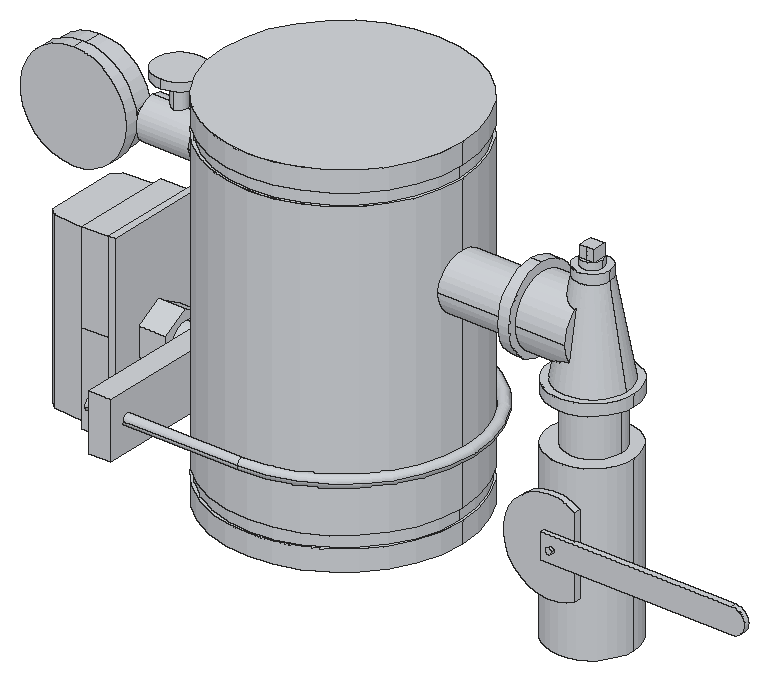
Revit family
Reference planes (in)
  plane 1 "Center (Front/Back)": y = 0
  plane 2: z = 0
  plane 3 "Center (Left/Right)": x = 0
Dimensions and locks (in)
  aligned and locked: plane 2 to level
Nested families (in)
  nested 1: "8FC" at (0, 0, 0), type "RASCO CR COMMERCIAL RISER"
Connectors (in)
  piping at (0, 0, 13)
    settings: on nested 1, index 1, connector radius 4", flow factor 0, pipe flow 0 GPM, pressure drop 0.00 psi, fitting loss kfactor 0, connector angle 0.00°, fixture units 0, flow configuration 0, flow direction 0, fitting loss method 0, system type 7, connector reference index -1, connector utility 0, adjustable connector no, is connector primary yes, fitting loss table "", connector description ""
  piping at (9.00551, -0.0356, -1.25)
    settings: on nested 1, index 2, connector radius 1 1/2", flow factor 0, pipe flow 0 GPM, pressure drop 0.00 psi, fitting loss kfactor 0, connector angle 0.00°, fixture units 0, flow configuration 0, flow direction 0, fitting loss method 0, system type 7, connector reference index -1, connector utility 0, adjustable connector no, is connector primary no, fitting loss table "", connector description ""
  piping at (0, 0, 0)
    settings: on nested 1, index 3, connector radius 4", flow factor 0, pipe flow 0 GPM, pressure drop 0.00 psi, fitting loss kfactor 0, connector angle 0.00°, fixture units 0, flow configuration 0, flow direction 0, fitting loss method 0, system type 7, connector reference index -1, connector utility 0, adjustable connector no, is connector primary no, fitting loss table "", connector description ""
Definition of nested family "8FC"
  Reference planes (in)
    plane 1 "Center (Front/Back)": y = 0
    plane 2: z = 0
    plane 3 "Center (Left/Right)": x = 0
    plane 4 "ref.1": z = 0.75
    plane 5 "TOP": z = 13
    plane 6 "GRV": z = 12.25
    plane 7 "REF2": z = 0.94309
    plane 8: x = -11
    plane 9: x = 9
    plane 10: x = 16
  Forms (in)
    Extrusion 1, solid
      sketch origin (0, 0, 0) x (1, 0, 0) y (0, 1, 0)
        loop
          circle (0, 0) r 4.3125
      from 0 to 0.75
    Extrusion 2, solid
      sketch origin (6.06862, -0.45659, 6.69834) x (-1, 0, 0) y (0, -1, 0)
        loop
          circle (-2.95047, -0.48481) r 1
      from -1.75134 to 0.55
    Extrusion 3, solid
      sketch origin (6.23463, 0, 10.70365) x (-1, 0, 0) y (0, -1, 0)
        loop
          circle (-2.75, 0) r 0.375
      from 0 to 0.2412
    Extrusion 4, solid
      sketch origin (6.23173, 0, 10.70365) x (-1, 0, 0) y (0, -1, 0)
        loop
          line (-2.753, 0.25) -> (-3.003, 0.25) -> (-3.003, -0.25) -> (-2.503, -0.25) -> (-2.503, 0) -> (-2.503, 0.25) -> (-2.753, 0.25)
      from 0.2412 to 0.64184
    Extrusion 5, solid
      sketch origin (0, 0, 0.75) x (-1, 0, 0) y (0, -1, 0)
        loop
          circle (0, 0) r 4.2205
      from 0 to 0.438
    Extrusion 6, solid
      sketch origin (0, 0, 13) x (-1, 0, 0) y (0, -1, 0)
        loop
          circle (0, 0) r 4.3125
      from 0 to -0.75
    Extrusion 7, solid
      sketch origin (-0.01172, 0, 12.25) x (-1, 0, 0) y (0, -1, 0)
        loop
          circle (0, 0) r 4.20878
      from 0 to -0.438
    Extrusion 8, solid
      sketch origin (0, 0, 0.94309) x (-1, 0, 0) y (0, -1, 0)
        loop
          circle (0, 0) r 4.3125
      from 0.24491 to 10.86891
    Extrusion 9, solid
      sketch origin (0, 0, 0) x (0, 1, 0) y (0, 0, 1)
        loop
          circle (0, 9.75) r 0.375
      from 0 to -5.43279
    Extrusion 10, solid
      sketch origin (0, 0, 0) x (0, 1, 0) y (0, 0, 1)
        loop
          circle (0, 8.52128) r 1
      from 0 to 6.77486
    Extrusion 11, solid
      sketch origin (-3.46137, -0.07864, -0.24845) x (0, 1, 0) y (0, 0, 1)
        loop
          line (-0.00807, 4.24845) -> (-5.17136, 4.24845) -> (-5.17136, 2.23289) -> (-0.00807, 2.23289) -> (5.31303, 2.23289) -> (5.31303, 4.24845) -> (-0.00807, 4.24845)
      from -0.70202 to -1.5
    Sweep 12, solid
      path origin (0.01124, -0.01472, 0.94309) x (-1, 0, 0) y (0, -1, 0)
        loop
          line (5.52076, 4.54394) -> (0.02076, 4.54394)
          arc (0.02076, 4.54394) -> (-4.53753, -0.01435) -> (0.02076, -4.57264) r 4.55829
          line (0.02076, -4.57264) -> (5.52076, -4.57264)
      profile origin (-2.75952, 4.55792, 0.94309) x (0, -1, 0) y (0, 0, 1)
        loop
          circle (0, 2.14151) r 0.189
  Dimensions and locks (in)
    plane 5 "TOP" to level = 1' - 1"
    plane 10 to plane 8 = 2' - 3"
    Extrusion 6 to nested 3 = 1' - 2 1/4"
    aligned and locked: plane 2 to level
  Nested families (in)
    nested 1: "Gauge3" at (-8.55503, 0.39285, 3.89791), type "RASCO Gauge"
    nested 2: "Water Flow Detector" at (-8, 0, -0.59302), type "Water Flow Detector"
    nested 3: "Test-Drain Valve" at (8.75, -0.86382, -1.25), type "Test-Drain Valve"
    nested 4: "tee3" at (9, 0, 6.61747), type "tee3"
    nested 5: "Globe Valve10" at (-4.75, 0, 9.16137), type "RASCO Globe Valve"
  Definition of nested family "Gauge3"
    Reference planes (in)
      plane 1 "Center (Front/Back)": y = 0
      plane 2: z = 0
      plane 3 "Center (Left/Right)": x = 0
      plane 4: z = 7.47962
      plane 5 "ref.2": y = -0.425
      plane 6 "ref.3": z = 5.65212
      plane 7 "refdt": y = -1.191
    Forms (in)
      Extrusion 1, solid
        sketch origin (6.95412, -1.191, 5.90312) x (0, 0, -1) y (-1, 0, 0)
          loop
            circle (0, 7.47962) r 1.9225
        from 0 to 0.425
      Extrusion 2, solid
        sketch origin (6.95412, -0.766, 5.90312) x (-1, 0, 0) y (0, 0, 1)
          loop
            circle (7.47962, 0) r 1.8275
        from 0 to 0.766
      Extrusion 3, solid
        sketch origin (2.43846, -1.191, 5.90312) x (0, 1, 0) y (0, 0, 1)
          loop
            circle (0.80101, 0) r 0.2725
        from 0 to -1.146
    Lines and regions (in)
      model lines
        curve 1: arc (-0.5255, -1.191, 4.25062) -> (-2.178, -1.191, 5.90312) -> (-0.5255, -1.191, 7.55562) r 1.6525
        curve 2: arc (-0.5255, -1.191, 4.42562) -> (-2.003, -1.191, 5.90312) -> (-0.5255, -1.191, 7.38062) r 1.4775
        curve 3: line (-0.5255, -1.191, 4.25062) -> (-0.5255, -1.191, 4.42562)
        curve 4: line (-0.5255, -1.191, 7.38062) -> (-0.5255, -1.191, 7.55562)
        curve 5: line (-0.32954, -1.191, 5.36925) -> (-1.42319, -1.191, 6.76906)
        curve 6: line (-1.42319, -1.191, 6.76906) -> (-0.17646, -1.191, 5.52233)
        curve 7: line (-0.17646, -1.191, 5.52233) -> (-0.32954, -1.191, 5.36925)
    Dimensions and locks (in)
      aligned and locked: plane 2 to level
  Definition of nested family "Water Flow Detector"
    Reference planes (in)
      plane 1 "Center (Front/Back)": y = 0
      plane 2: z = 0
      plane 3 "Center (Left/Right)": x = 0
    Forms (in)
      Extrusion 1, solid
        sketch origin (3.64489, -0.00807, 3.68167) x (0, 0, -1) y (0, -1, 0)
          loop
            circle (0, 0) r 0.655
        from 0 to 1.32768
      Extrusion 2, solid
        sketch origin (2.31721, -0.00807, 5.11447) x (0, -1, 0) y (0, 0, 1)
          loop
            line (0, -0.43279) -> (-0.86603, -0.93279) -> (-0.86603, -1.93279) -> (0, -2.43279) -> (0.86603, -1.93279) -> (0.86603, -0.93279) -> (0, -0.43279)
        from 0 to 1
      Extrusion 3, solid
        sketch origin (1.31721, -0.00404, 4.28167) x (0, 0, 1) y (0, 1, 0)
          loop
            line (-3.6, 0) -> (-3.6, -1.875) -> (3.15, -1.875) -> (3.15, 1.875) -> (-3.6, 1.875) -> (-3.6, 0)
        from 0 to 0.25
      Extrusion 4, solid
        sketch origin (1.06721, -0.00807, 3.68167) x (0, 0, 1) y (0, 1, 0)
          loop
            line (0.375, -1.765) -> (3.625, -1.765) -> (3.625, 1.765) -> (-2.89, 1.765) -> (-2.89, -1.765) -> (0.375, -1.765)
        from 0 to 1.062
      Extrusion 5, solid
        sketch origin (3.64477, -0.00807, 4.42051) x (-1, 0, 0) y (0, -1, 0)
          loop
            line (3.63968, 0) -> (3.63968, -1.627) -> (4.80895, -1.54524) -> (5.07768, -1.2765) -> (5.07768, 0) -> (5.07768, 1.2765) -> (4.80895, 1.54524) -> (3.63968, 1.627) -> (3.63968, 0)
        from -3.48722 to 2.75684
    Dimensions and locks (in)
      aligned and locked: plane 2 to level
  Definition of nested family "Test-Drain Valve"
    Parameters (values of type "Test-Drain Valve")
      Assembly Code = ""
    Reference planes (in)
      plane 1 "Center (Front/Back)": y = 0
      plane 2: z = 0
      plane 3 "Center (Left/Right)": x = 0
      plane 4 "ref.2": z = 1.03
    Forms (in)
      Extrusion 1, solid
        sketch origin (0.36767, 0.09564, 4.03443) x (1, 0, 0) y (0, 0, 1)
          loop
            circle (-0.00162, -0.38531) r 0.105
        from 0.56904 to 1.36107
      Extrusion 2, solid
        sketch origin (0.5691, -1.26543, 2.41839) x (0, 0, 1) y (-1, 0, 0)
          loop
            line (1.03, 0.56251) -> (0.78111, 0.56251) -> (0.78111, -6.33157)
            arc (0.78111, -6.33157) -> (1.23859, -6.78904) -> (1.69607, -6.33157) r 0.45748
            line (1.69607, -6.33157) -> (1.69607, 0.56251) -> (1.03, 0.56251)
        from -0.26148 to -0.09542
      Extrusion 3, solid
        sketch origin (0.16609, 0.45297, 0) x (1, 0, 0) y (0, 1, 0)
          loop
            circle (0.08942, 0.37525) r 1.5
        from 0 to 6.197
      Extrusion 4, solid
        sketch origin (0.82775, 0.78727, 0.79588) x (1, 0, 0) y (0, 0, 1)
          loop
            line (0.28512, 2.5) -> (0.28512, 4.25)
            arc (0.28512, 4.25) -> (-2.3089, 2.80763) -> (0.28512, 1.36527) r 1.69801
            line (0.28512, 1.36527) -> (0.28512, 2.5)
        from 1.56371 to 1.79121
    Dimensions and locks (in)
      aligned and locked: plane 2 to level
  Definition of nested family "tee3"
    Parameters (values of type "tee3")
      Assembly Code = ""
    Reference planes (in)
      plane 1 "Center (Front/Back)": y = 0
      plane 2: z = 0
      plane 3 "Center (Left/Right)": x = 0
      plane 4 "ref.2": z = 0.4
      plane 5 "re.3": z = 2.00996
    Forms (in)
      Extrusion 1, solid
        sketch origin (0, 0, 0) x (1, 0, 0) y (0, 1, 0)
          loop
            circle (0, 0) r 1.5
        from 0 to 0.4
      Blend 2, solid
        base sketch origin (0, 0, 0.4) x (-1, 0, 0) y (0, -1, 0)
          loop
            circle (0, 0) r 1.25
        top sketch origin (0, 0, 0.4) x (-1, 0, 0) y (0, -1, 0)
          loop
            circle (0, 0) r 0.6225
        from 0 to 3.35
      Extrusion 3, solid
        sketch origin (0.00095, 0, 3.19936) x (-1, 0, 0) y (0, -1, 0)
          loop
            circle (0, 0) r 0.6225
        from 0.88683 to 0.55064
      Extrusion 4, solid
        sketch origin (0, 0.01626, 0.79134) x (0, 1, 0) y (0, 0, 1)
          loop
            circle (-0.00522, 1.18821) r 1.25
        from 0 to -1.82514
      Extrusion 5, solid
        sketch origin (-1.82514, 0, 2.00737) x (0, 0, 1) y (0, 1, 0)
          loop
            circle (0, 0) r 1.5
        from 0 to 0.4
    Dimensions and locks (in)
      aligned and locked: plane 2 to level
  Definition of nested family "Globe Valve10"
    Parameters (values of type "RASCO Globe Valve")
      Assembly Code = ""
    Reference planes (in)
      plane 1 "Center (Front/Back)": y = 0
      plane 2: z = 0
      plane 3 "Center (Left/Right)": x = 0
      plane 4 "ref. side": x = -0.5
      plane 5 "ref. side2": x = -1.734
      plane 6 "ref. side 4": x = -2.763
    Forms (in)
      Extrusion 1, solid
        sketch origin (-0.27216, -0.01249, 0.71909) x (0, 0, -1) y (0, -1, 0)
          loop
            circle (0, 0) r 0.75
        from -0.06079 to 1.82121
      Extrusion 2, solid
        sketch origin (-0.27501, -0.00978, 1.2975) x (0, 1, 0) y (-1, 0, 0)
          loop
            circle (0, 0.86289) r 0.265
        from -0.00766 to 1.234
      Extrusion 3, solid
        sketch origin (-0.28892, 0.00562, 2.36212) x (0, 1, 0) y (-1, 0, 0)
          loop
            circle (0, 0.85138) r 0.87523
        from 0 to 0.3
    Dimensions and locks (in)
      aligned and locked: plane 2 to level
